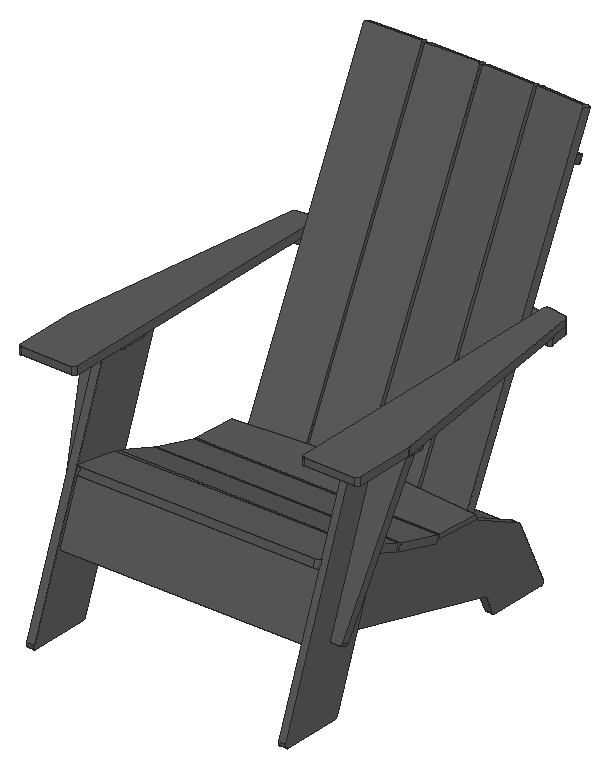
Revit family "Lollygagger Adirondack 4 Slat", category Furniture, Revit 2016 (continued)
Automatic sketch dimensions
  radius of Extrusion 29 sketch curve = 0.15479"
  radius of Extrusion 35 sketch curve = 0.15501"
  radius of Extrusion 36 sketch curve = 0.15501"
  radius of Extrusion 16 sketch curve = 0.15505"
  radius of Extrusion 17 sketch curve = 0.15505"
  radius of Extrusion 26 sketch curve = 0.15414"
  radius of Extrusion 32 sketch curve = 0.15472"
  radius of Extrusion 33 sketch curve = 0.15472"
  radius of Extrusion 34 sketch curve = 0.15472"
  radius of Extrusion 37 sketch curve = 0.15386"
  radius of Extrusion 38 sketch curve = 0.15521"
  radius of Extrusion 39 sketch curve = 0.15521"
  radius of Extrusion 40 sketch curve = 0.15471"
  radius of Extrusion 41 sketch curve = 0.15471"
  radius of Extrusion 42 sketch curve = 0.15572"
  radius of Extrusion 43 sketch curve = 0.15572"
  radius of Extrusion 44 sketch curve = 0.15482"
  radius of Extrusion 45 sketch curve = 0.15482"
Types (11): name | Finish Material
  Loll-Black | Loll-Black
  Loll-Sunset | Loll-Sunset
  Loll-Chocolate | Loll-Chocolate
  Loll-Sky | Loll-Sky
  Loll-Apple | Loll-Apple
  Loll-Leaf | Loll-Leaf
  Loll-Evergreen | Loll-Evergreen
  Loll-Charcoal | Loll-Charcoal
  Loll-Sand | Loll-Sand
  Loll-Navy Blue | Loll-Navy Blue
  Loll-White | Loll-White
